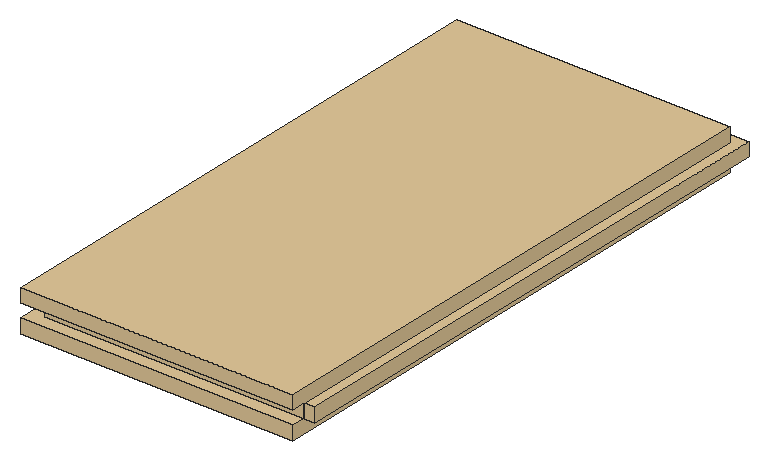
Revit family "Insulation_Board_TimberHP", category Generic Models, host Face, Revit 2026
Family settings
  Host = Face
  Can host rebar = No
  Round Connector Dimension = Use Diameter
  Part Type = Normal
  Cut with Voids When Loaded = Yes
  Maintain Annotation Orientation = No
  Shared = No
  Room Calculation Point = No
Parameters (values of type "Timberboard_7.25” (R26)x48"x8'")
  Width = 4' - 0"
  URL = "https://timberhp.com/"
  Top and bottom Flat = yes
  Tongue = Thickness / 3  # 0' - 2.41667"
  Thickness = 0' - 7 1/4"
  Specification = "https://www.arcat.com/company/timberhp-53864/spec"
  Product Page URL = "https://www.arcat.com/arcatcos/cos53/arc53864.html"
  Model = "TimberBoard"
  Manufacturer = "TimberHP"
  Length = 8' - 0"
  Keynote = "07 21 00"
  Groove = Tongue  # 0' - 2.41667"
  Default Elevation = 4' - 0"
  Cut Tongue = yes
  Cut Groove = yes
  Copyright = "ARCAT"
  CAD Details = "https://www.arcat.com/company/timberhp-53864/cad"
Types (18): name | Width | Tongue | Thickness | Groove
  TimberBoard_1" (R3.6)x24"x8' | 2' - 0" | 0' - 0.33333" | 0' - 1" | 0' - 0.33333"
  TimberBoard_1" (R3.6)x48"x8' | 4' - 0" | 0' - 0.33333" | 0' - 1" | 0' - 0.33333"
  TimberBoard_1.5" (R5+)x48"x8' | 4' - 0" | 0' - 0 1/2" | 0' - 1 1/2" | 0' - 0 1/2"
  TimberBoard_1.5" (R5+)x24"x8' | 2' - 0" | 0' - 0 1/2" | 0' - 1 1/2" | 0' - 0 1/2"
  TimberBoard_2” (R7)x24"x8' | 2' - 0" | 0' - 0.66667" | 0' - 2" | 0' - 0.66667"
  TimberBoard_2” (R7)x48"x8' | 4' - 0" | 0' - 0.66667" | 0' - 2" | 0' - 0.66667"
  TimberBoard_2.5”(R9)x48"x8' | 4' - 0" | 0' - 0.83333" | 0' - 2 1/2" | 0' - 0.83333"
  TimberBoard_2.5”(R9)x24"x8' | 2' - 0" | 0' - 0.83333" | 0' - 2 1/2" | 0' - 0.83333"
  TimberBoard_3.5” (R13)x48"x8' | 4' - 0" | 0' - 1.16667" | 0' - 3 1/2" | 0' - 1.16667"
  TimberBoard_3.5” (R13)x24"x8' | 2' - 0" | 0' - 1.16667" | 0' - 3 1/2" | 0' - 1.16667"
  TimberBoard_4” (R15)x24"x8' | 2' - 0" | 0' - 1.33333" | 0' - 4" | 0' - 1.33333"
  TimberBoard_4” (R15)x12"x8' | 1' - 0" | 0' - 1.33333" | 0' - 4" | 0' - 1.33333"
  TimberBoard_ 5.5” (R20)x24"x8' | 2' - 0" | 0' - 1.83333" | 0' - 5 1/2" | 0' - 1.83333"
  TimberBoard_ 5.5” (R20)x48"x8' | 4' - 0" | 0' - 1.83333" | 0' - 5 1/2" | 0' - 1.83333"
  Timberboard_7.25” (R26)x48"x8' | 4' - 0" | 0' - 2.41667" | 0' - 7 1/4" | 0' - 2.41667"
  Timberboard_7.25” (R26)x24"x8' | 2' - 0" | 0' - 2.41667" | 0' - 7 1/4" | 0' - 2.41667"
  TimberBoard_9.25” (R34)x48"x8' | 4' - 0" | 0' - 3.08333" | 0' - 9 1/4" | 0' - 3.08333"
  TimberBoard_9.25” (R34)x24"x8' | 2' - 0" | 0' - 3.08333" | 0' - 9 1/4" | 0' - 3.08333"
Reference planes (in)
  plane 1 "Center (Front/Back)": y = 0
  plane 2: z = 0
  plane 3 "Center (Left/Right)": x = 0
  plane 4: z = 0
  plane 5: z = 7.25
  plane 6: x = -24
  plane 7: x = 24
  plane 8: y = -48
  plane 9: y = 48
  plane 10: x = -21.58333
  plane 11: y = -45.58333
  plane 12: x = 26.41667
  plane 13: y = 50.41667
  plane 14: z = 4.83333
  plane 15: z = 2.41667
Forms (in)
  Extrusion 1, void
    sketch origin (0, 0, 0) x (1, 0, 0) y (0, 1, 0)
      loop
        line (-1, 2) -> (-1, -3) -> (2, -3) -> (2, 2) -> (-1, 2)
    from 0 to -1
  Extrusion 2, solid, material "TimberHP"
    sketch origin (0, 0, 0) x (1, 0, 0) y (0, 1, 0)
      loop
        line (-24, 48) -> (-24, -48) -> (24, -48) -> (24, 48) -> (-24, 48)
    from 0 to 7.25
  Sweep 3, solid, material "TimberHP", visible <- "Cut Groove"
    path origin (0, 0, 0) x (1, 0, 0) y (0, 1, 0)
      loop
        line (24.83333, -45.58333) -> (24.83333, 48.83333) -> (-21.58333, 48.83333)
    profile origin (24.83333, 1.625, 0) x (-1, 0, 0) y (0, 0, 1)
      loop
        line (0.83333, 2.41667) -> (0.83333, 4.83333) -> (-1, 4.83333) -> (-1, 2.41667) -> (0.83333, 2.41667)
  Sweep 4, void
    path origin (0, 0, 0) x (1, 0, 0) y (0, 1, 0)
      loop
        line (-21.58333, 48) -> (-21.58333, -45.58333) -> (24, -45.58333)
    profile origin (-21.58333, 1.20833, 0) x (1, 0, 0) y (0, 0, 1)
      loop
        line (0, 4.83333) -> (-2.41667, 4.83333) -> (-2.41667, 2.41667) -> (0, 2.41667) -> (0, 4.83333)
Cuts and joins
  Sweep 4 cuts Extrusion 2
Dimensions and locks (in)
  "Thickness": plane 5 to level
  equal spacing: plane 6, plane 3 "Center (Left/Right)", plane 7
  "Width": plane 6 to plane 7
  equal spacing: plane 9, plane 1 "Center (Front/Back)", plane 8
  "Length": plane 9 to plane 8
  plane 11 to plane 8 = 0' - 2.41667"
  "Tongue": plane 13 to plane 9
  "Tongue": plane 7 to plane 12
  "Groove": plane 6 to plane 10
  "Groove": plane 11 to plane 8
  equal spacing: plane 5, plane 14, plane 15, level
  plane 13 to plane 1 "Center (Front/Back)" = 4' - 2.41667"
  aligned and locked: plane 2 to Extrusion 1
  aligned and locked: level to Extrusion 1
  aligned and locked: Extrusion 2 to level
  aligned and locked: Extrusion 2 to plane 5
  aligned and locked: plane 6 to Extrusion 2
  aligned and locked: Extrusion 2 to plane 7
  aligned and locked: Extrusion 2 to plane 8
  aligned and locked: plane 9 to Extrusion 2
  aligned and locked: plane 10 to Sweep 3 sketch curve
  aligned and locked: plane 11 to Sweep 3 sketch curve
  aligned and locked: plane 15 to Sweep 3 sketch curve
  aligned and locked: Sweep 3 sketch curve to plane 14
  aligned and locked: plane 7 to Sweep 3 sketch curve
  aligned and locked: plane 10 to Sweep 4 sketch curve
  aligned and locked: Sweep 4 sketch curve to plane 11
  aligned and locked: plane 7 to Sweep 4 sketch curve
  aligned and locked: plane 9 to Sweep 4 sketch curve
  aligned and locked: plane 15 to Sweep 4 sketch curve
  aligned and locked: Sweep 4 sketch curve to profile plane
  aligned and locked: Sweep 4 sketch curve to plane 14
  aligned and locked: plane 6 to Sweep 4 sketch curve
Automatic sketch dimensions
  Extrusion 1 sketch curve to Extrusion 1 sketch curve = 0' - 3"
  Extrusion 1 sketch curve to Extrusion 1 sketch curve = 0' - 5"
  Extrusion 2 sketch curve to plane 6 = 0' - 0"
  Extrusion 2 sketch curve to plane 7 = 0' - 0"
  Extrusion 2 sketch curve to plane 8 = 0' - 0"
  Extrusion 2 sketch curve to plane 9 = 0' - 0"
  Sweep 3 sketch curve to plane 7 = 0' - 0.83333"
  plane 9 to Sweep 3 sketch curve = 0' - 0.83333"
  profile plane to Sweep 3 sketch curve = 0' - 1"
